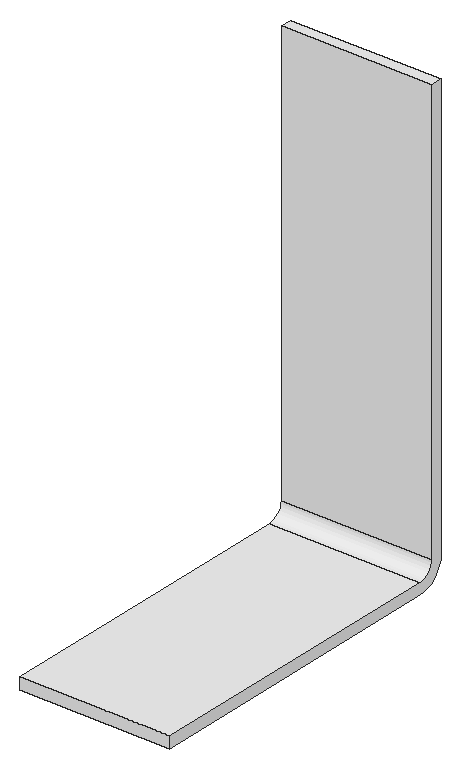
Revit family "JOMA_407, 408 & 409", category Structural Connections, host Face, Revit 2012
Parameters (values of type "4070000")
  t = 3.000 mm
  l = 90.000 mm
  h = 120.000 mm
  b = 40.000 mm
  Vinkelbeslag 409 = no
  Vinkelbeslag 408 = no
  Vinkelbeslag 407 = yes
  Vikt = "0,186"
  Typ = "VINKEL 407"
  Spikmönster Bult 45°≤α≤90° [instance] = no
  Spikmönster Bult 0°≤α≤45° [instance] = no
  Spikmönster 45°≤α≤90° [instance] = no
  Spikmönster 0°≤α≤45° [instance] = no
  Spik/skruv [instance] = "ANKARSPIK 4,0x40"
  Material = Varmförzinkad stålplåt
  Länk Joma Dimensioneringsverktyg = "http://www.joma.se/dimensioneringsverktyg"
  Default Elevation = 0.000 mm
  Bult (betong) [instance] = ""
  Antal spik/skruv i virkesdel B [instance] = if(and(Spikmönster 0°≤α≤45°, Vinkelbeslag 407), 4, if(and(Spikmönster 45°≤α≤90°, Vinkelbeslag 407), 4, if(and(Spikmönster 0°≤α≤45°, Vinkelbeslag 408), 2, if(and(Spikmönster 45°≤α≤90°, Vinkelbeslag 408), 2, if(and(Spikmönster Bult 0°≤α≤45°, Vinkelbeslag 408), 1, if(and(Spikmönster Bult 45°≤α≤90°, Vinkelbeslag 408), 1, if(and(Spikmönster 0°≤α≤45°, Vinkelbeslag 409), 2, if(and(Spikmönster 45°≤α≤90°, Vinkelbeslag 409), 2, if(and(Spikmönster Bult 0°≤α≤45°, Vinkelbeslag 409), 1, if(and(Spikmönster Bult 45°≤α≤90°, Vinkelbeslag 409), 1, 0))))))))))  # 0
  Antal spik/skruv i virkesdel A [instance] = if(and(Spikmönster 0°≤α≤45°, Vinkelbeslag 407), 4, if(and(Spikmönster 45°≤α≤90°, Vinkelbeslag 407), 4, if(and(Spikmönster 0°≤α≤45°, Vinkelbeslag 408), 4, if(and(Spikmönster 45°≤α≤90°, Vinkelbeslag 408), 2, if(and(Spikmönster Bult 0°≤α≤45°, Vinkelbeslag 408), 4, if(and(Spikmönster Bult 45°≤α≤90°, Vinkelbeslag 408), 2, if(and(Spikmönster 0°≤α≤45°, Vinkelbeslag 409), 4, if(and(Spikmönster 45°≤α≤90°, Vinkelbeslag 409), 4, if(and(Spikmönster Bult 0°≤α≤45°, Vinkelbeslag 409), 4, if(and(Spikmönster Bult 45°≤α≤90°, Vinkelbeslag 409), 4, 0))))))))))  # 0
  409 Spikmönster Bult 45°≤α≤90° [instance] = and(Vinkelbeslag 409, Spikmönster Bult 45°≤α≤90°, not(or(Spikmönster 45°≤α≤90°, Spikmönster 0°≤α≤45°, Spikmönster Bult 0°≤α≤45°)))  # no
  409 Spikmönster Bult 0°≤α≤45° [instance] = and(Vinkelbeslag 409, Spikmönster Bult 0°≤α≤45°, not(or(Spikmönster 45°≤α≤90°, Spikmönster 0°≤α≤45°, Spikmönster Bult 45°≤α≤90°)))  # no
  409 Spikmönster 45°≤α≤90° [instance] = and(Vinkelbeslag 409, Spikmönster 45°≤α≤90°, not(or(Spikmönster 0°≤α≤45°, Spikmönster Bult 0°≤α≤45°, Spikmönster Bult 45°≤α≤90°)))  # no
  409 Spikmönster 0°≤α≤45° [instance] = and(Vinkelbeslag 409, Spikmönster 0°≤α≤45°, not(or(Spikmönster 45°≤α≤90°, Spikmönster Bult 0°≤α≤45°, Spikmönster Bult 45°≤α≤90°)))  # no
  408 Spikmönster Bult 45°≤α≤90° [instance] = and(Vinkelbeslag 408, Spikmönster Bult 45°≤α≤90°, not(or(Spikmönster 45°≤α≤90°, Spikmönster 0°≤α≤45°, Spikmönster Bult 0°≤α≤45°)))  # no
  408 Spikmönster Bult 0°≤α≤45° [instance] = and(Vinkelbeslag 408, Spikmönster Bult 0°≤α≤45°, not(or(Spikmönster 45°≤α≤90°, Spikmönster 0°≤α≤45°, Spikmönster Bult 45°≤α≤90°)))  # no
  408 Spikmönster 45°≤α≤90° [instance] = and(Vinkelbeslag 408, Spikmönster 45°≤α≤90°, not(or(Spikmönster 0°≤α≤45°, Spikmönster Bult 0°≤α≤45°, Spikmönster Bult 45°≤α≤90°)))  # no
  408 Spikmönster 0°≤α≤45° [instance] = and(Vinkelbeslag 408, Spikmönster 0°≤α≤45°, not(or(Spikmönster 45°≤α≤90°, Spikmönster Bult 0°≤α≤45°, Spikmönster Bult 45°≤α≤90°)))  # no
  407 Spikmönster 45°≤α≤90° [instance] = and(Vinkelbeslag 407, Spikmönster 45°≤α≤90°, not(or(Spikmönster 0°≤α≤45°, Spikmönster Bult 0°≤α≤45°, Spikmönster Bult 45°≤α≤90°)))  # no
  407 Spikmönster 0°≤α≤45° [instance] = and(Vinkelbeslag 407, Spikmönster 0°≤α≤45°, not(or(Spikmönster 45°≤α≤90°, Spikmönster Bult 0°≤α≤45°, Spikmönster Bult 45°≤α≤90°)))  # no
Types (4, lengths in mm): name | l | h | Vinkelbeslag 409 | Vinkelbeslag 408 | Vinkelbeslag 407 | Vikt | Typ | Bult (betong)
  (no name) | 90.000 | 120.000 | no | no | yes | "0,186" | "VINKEL 407" | ""
  4080000 | 35.000 | 90.000 | no | yes | no | "0,106" | "VINKEL 408" | "BULT M10"
  4070000 | 90.000 | 120.000 | no | no | yes | "0,186" | "VINKEL 407" | ""
  4090000 | 50.000 | 160.000 | yes | no | no | "0,176" | "VINKEL 409" | "BULT M10"
Reference planes
  plane 1 "Center (Front/Back)": y = 0
  plane 2: z = 0
  plane 3 "Center (Left/Right)": x = 0
  plane 4: x = -20
  plane 5: x = 20
  plane 6: y = -90
  plane 7: z = 120
Forms (mm)
  Extrusion 1, solid, material "Varmförzinkad stålplåt" <- "Material"
    sketch origin (0, 0, 0) x (0, 1, 0) y (0, 0, 1)
      loop
        line (0, 120) -> (-3, 120) -> (-3, 6.843)
        arc (-3, 6.843) -> (-4.126, 4.126) -> (-6.843, 3) r 3.843
        line (-6.843, 3) -> (-90, 3) -> (-90, 0) -> (-6.843, 0)
        arc (-6.843, 0) -> (-2.004, 2.004) -> (0, 6.843) r 6.843
        line (0, 6.843) -> (0, 120)
    from -20 to 20
Lines and regions (mm)
  symbolic lines, visible <- "Vinkelbeslag 407"
    curve 1: circle (-10, 0, 110) r 2.5 normal (0, -1, 0)
    curve 2: circle (-10, 0, 88) r 2.5 normal (0, -1, 0)
    curve 3: circle (-10, 0, 66) r 2.5 normal (0, -1, 0)
    curve 4: circle (-10, 0, 44) r 2.5 normal (0, -1, 0)
    curve 5: circle (-10, 0, 22) r 2.5 normal (0, -1, 0)
    curve 6: circle (10, 0, 110) r 2.5 normal (0, 1, 0)
    curve 7: circle (10, 0, 88) r 2.5 normal (0, 1, 0)
    curve 8: circle (10, 0, 66) r 2.5 normal (0, 1, 0)
    curve 9: circle (10, 0, 44) r 2.5 normal (0, 1, 0)
    curve 10: circle (10, 0, 22) r 2.5 normal (0, 1, 0)
    curve 21: circle (-10, -80, 0) r 2.5 normal (0, 0, 1)
    curve 22: circle (-10, -50, 0) r 2.5 normal (0, 0, 1)
    curve 23: circle (-10, -20, 0) r 2.5 normal (0, 0, 1)
    curve 24: circle (10, -80, 0) r 2.5 normal (0, 0, -1)
    curve 25: circle (10, -50, 0) r 2.5 normal (0, 0, -1)
    curve 26: circle (10, -20, 0) r 2.5 normal (0, 0, -1)
  symbolic lines, visible <- "Vinkelbeslag 407", not visible
    curve 11: circle (-10, 0, 110) r 2.5 normal (0, -1, 0)
    curve 12: circle (-10, 0, 88) r 2.5 normal (0, -1, 0)
    curve 13: circle (-10, 0, 66) r 2.5 normal (0, -1, 0)
    curve 14: circle (-10, 0, 44) r 2.5 normal (0, -1, 0)
    curve 15: circle (-10, 0, 22) r 2.5 normal (0, -1, 0)
    curve 16: circle (10, 0, 110) r 2.5 normal (0, 1, 0)
    curve 17: circle (10, 0, 88) r 2.5 normal (0, 1, 0)
    curve 18: circle (10, 0, 66) r 2.5 normal (0, 1, 0)
    curve 19: circle (10, 0, 44) r 2.5 normal (0, 1, 0)
    curve 20: circle (10, 0, 22) r 2.5 normal (0, 1, 0)
    curve 27: circle (-10, -80, 0) r 2.5 normal (0, 0, 1)
    curve 28: circle (-10, -50, 0) r 2.5 normal (0, 0, 1)
    curve 29: circle (-10, -20, 0) r 2.5 normal (0, 0, 1)
    curve 30: circle (10, -80, 0) r 2.5 normal (0, 0, -1)
    curve 31: circle (10, -50, 0) r 2.5 normal (0, 0, -1)
    curve 32: circle (10, -20, 0) r 2.5 normal (0, 0, -1)
  symbolic lines, visible <- "Vinkelbeslag 408"
    curve 33: circle (-12.5, -27.5, 0) r 2.5 normal (0, 0, 1)
    curve 34: circle (-12.5, -10, 0) r 2.5 normal (0, 0, 1)
    curve 35: circle (12.5, -27.5, 0) r 2.5 normal (0, 0, -1)
    curve 36: circle (12.5, -10, 0) r 2.5 normal (0, 0, -1)
    curve 37: circle (0, -15, 0) r 5.1 normal (0, 0, 1)
    curve 43: circle (12.5, 0, 80) r 2.5 normal (0, -1, 0)
    curve 44: circle (12.5, 0, 60) r 2.5 normal (0, -1, 0)
    curve 45: circle (-12.5, 0, 70) r 2.5 normal (0, -1, 0)
    curve 46: circle (-12.5, 0, 38) r 2.5 normal (0, -1, 0)
    curve 47: circle (-12.5, 0, 20.5) r 2.5 normal (0, -1, 0)
    curve 48: circle (12.5, 0, 30.5) r 2.5 normal (0, -1, 0)
    curve 49: circle (0, 0, 35) r 5.1 normal (0, -1, 0)
  symbolic lines, visible <- "Vinkelbeslag 408", not visible
    curve 38: circle (-12.5, -27.5, 0) r 2.5 normal (0, 0, 1)
    curve 39: circle (-12.5, -10, 0) r 2.5 normal (0, 0, 1)
    curve 40: circle (12.5, -27.5, 0) r 2.5 normal (0, 0, -1)
    curve 41: circle (12.5, -10, 0) r 2.5 normal (0, 0, -1)
    curve 42: circle (0, -15, 0) r 5.1 normal (0, 0, 1)
    curve 50: circle (12.5, 0, 80) r 2.5 normal (0, -1, 0)
    curve 51: circle (12.5, 0, 60) r 2.5 normal (0, -1, 0)
    curve 52: circle (-12.5, 0, 70) r 2.5 normal (0, -1, 0)
    curve 53: circle (-12.5, 0, 38) r 2.5 normal (0, -1, 0)
    curve 54: circle (-12.5, 0, 20.5) r 2.5 normal (0, -1, 0)
    curve 55: circle (12.5, 0, 30.5) r 2.5 normal (0, -1, 0)
    curve 56: circle (0, 0, 35) r 5.1 normal (0, -1, 0)
  symbolic lines, visible <- "Vinkelbeslag 409"
    curve 57: circle (0, -25, 0) r 5.1 normal (0, 0, 1)
    curve 58: circle (-12.5, -40, 0) r 2.5 normal (0, 0, 1)
    curve 59: circle (-12.5, -18, 0) r 2.5 normal (0, 0, 1)
    curve 60: circle (12.5, -40, 0) r 2.5 normal (0, 0, -1)
    curve 61: circle (12.5, -18, 0) r 2.5 normal (0, 0, -1)
    curve 67: circle (-12.5, 0, 150) r 2.5 normal (0, -1, 0)
    curve 68: circle (-12.5, 0, 120) r 2.5 normal (0, -1, 0)
    curve 69: circle (-12.5, 0, 90) r 2.5 normal (0, -1, 0)
    curve 70: circle (-12.5, 0, 54) r 2.5 normal (0, -1, 0)
    curve 71: circle (-12.5, 0, 32) r 2.5 normal (0, -1, 0)
    curve 72: circle (12.5, 0, 150) r 2.5 normal (0, 1, 0)
    curve 73: circle (12.5, 0, 120) r 2.5 normal (0, 1, 0)
    curve 74: circle (12.5, 0, 90) r 2.5 normal (0, 1, 0)
    curve 75: circle (12.5, 0, 54) r 2.5 normal (0, 1, 0)
    curve 76: circle (12.5, 0, 32) r 2.5 normal (0, 1, 0)
    curve 77: circle (0, 0, 106) r 5.1 normal (0, 1, 0)
    curve 78: circle (0, 0, 43) r 5.1 normal (0, 1, 0)
  symbolic lines, visible <- "Vinkelbeslag 409", not visible
    curve 62: circle (0, -25, 0) r 5.1 normal (0, 0, 1)
    curve 63: circle (-12.5, -40, 0) r 2.5 normal (0, 0, 1)
    curve 64: circle (-12.5, -18, 0) r 2.5 normal (0, 0, 1)
    curve 65: circle (12.5, -40, 0) r 2.5 normal (0, 0, -1)
    curve 66: circle (12.5, -18, 0) r 2.5 normal (0, 0, -1)
    curve 79: circle (-12.5, 0, 150) r 2.5 normal (0, -1, 0)
    curve 80: circle (-12.5, 0, 120) r 2.5 normal (0, -1, 0)
    curve 81: circle (-12.5, 0, 90) r 2.5 normal (0, -1, 0)
    curve 82: circle (-12.5, 0, 54) r 2.5 normal (0, -1, 0)
    curve 83: circle (-12.5, 0, 32) r 2.5 normal (0, -1, 0)
    curve 84: circle (12.5, 0, 150) r 2.5 normal (0, 1, 0)
    curve 85: circle (12.5, 0, 120) r 2.5 normal (0, 1, 0)
    curve 86: circle (12.5, 0, 90) r 2.5 normal (0, 1, 0)
    curve 87: circle (12.5, 0, 54) r 2.5 normal (0, 1, 0)
    curve 88: circle (12.5, 0, 32) r 2.5 normal (0, 1, 0)
    curve 89: circle (0, 0, 106) r 5.1 normal (0, 1, 0)
    curve 90: circle (0, 0, 43) r 5.1 normal (0, 1, 0)
Text (mm)
  text "Virkesdel A" at (227.375, 0, 114.105), in view "Front"
  text "Virkesdel B/Betong" at (196.849, 0.273, 0), in view "Ref. Level"
Dimensions and locks
  "b": plane 5 to plane 4
  "l": plane 1 "Center (Front/Back)" to plane 6
  "h": plane 7 to host face
  equal spacing: plane 5, plane 3 "Center (Left/Right)", plane 4
  "t": plane 1 "Center (Front/Back)" to Extrusion 1
  "t": Extrusion 1 to host face
  aligned and locked: plane 2 to host face
  aligned and locked: level to host face
  aligned and locked: plane 5 to Extrusion 1
  aligned and locked: Extrusion 1 to plane 4
  aligned and locked: Extrusion 1 to plane 6
  aligned and locked: plane 7 to Extrusion 1
Automatic sketch dimensions
  host sketch curve to host sketch curve = 2438.400 mm  (x2)
  Extrusion 1 sketch curve to Extrusion 1 sketch curve = 0.000 mm  (x3)
  Extrusion 1 sketch curve to plane 6 = 0.000 mm
  Extrusion 1 sketch curve to plane 7 = 0.000 mm
  Extrusion 1 sketch curve to plane 1 "Center (Front/Back)" = 0.000 mm
  Extrusion 1 sketch curve to level = 0.000 mm
  plane 1 "Center (Front/Back)" to Extrusion 1 sketch curve = 6.843 mm
  plane 1 "Center (Front/Back)" to Extrusion 1 sketch curve = 3.000 mm
  level to Extrusion 1 sketch curve = 6.843 mm
Nested families
  nested 1: "Spikmönster" at (-10, -20, 0), visible <- "407 Spikmönster 0°≤α≤45°", type "Ø5"
  nested 2: "Spikmönster" at (10, -20, 0), visible <- "407 Spikmönster 0°≤α≤45°", type "Ø5"
  nested 3: "Spikmönster" at (10, -80, 0), visible <- "407 Spikmönster 0°≤α≤45°", type "Ø5"
  nested 4: "Spikmönster" at (-10, -80, 0), visible <- "407 Spikmönster 0°≤α≤45°", type "Ø5"
  nested 5: "Spikmönster" at (-10, -20, 0), visible <- "407 Spikmönster 45°≤α≤90°", type "Ø5"
  nested 6: "Spikmönster" at (10, -20, 0), visible <- "407 Spikmönster 45°≤α≤90°", type "Ø5"
  nested 7: "Spikmönster" at (10, -80, 0), visible <- "407 Spikmönster 45°≤α≤90°", type "Ø5"
  nested 8: "Spikmönster" at (-10, -80, 0), visible <- "407 Spikmönster 45°≤α≤90°", type "Ø5"
  nested 9: "Spikmönster" at (-10, -20, 0), visible <- "407 Spikmönster 0°≤α≤45°", type "Ø5", not visible
  nested 10: "Spikmönster" at (10, -20, 0), visible <- "407 Spikmönster 0°≤α≤45°", type "Ø5", not visible
  nested 11: "Spikmönster" at (10, -80, 0), visible <- "407 Spikmönster 0°≤α≤45°", type "Ø5", not visible
  nested 12: "Spikmönster" at (-10, -80, 0), visible <- "407 Spikmönster 0°≤α≤45°", type "Ø5", not visible
  nested 13: "Spikmönster" at (-10, -20, 0), visible <- "407 Spikmönster 45°≤α≤90°", type "Ø5", not visible
  nested 14: "Spikmönster" at (10, -20, 0), visible <- "407 Spikmönster 45°≤α≤90°", type "Ø5", not visible
  nested 15: "Spikmönster" at (10, -80, 0), visible <- "407 Spikmönster 45°≤α≤90°", type "Ø5", not visible
  nested 16: "Spikmönster" at (-10, -80, 0), visible <- "407 Spikmönster 45°≤α≤90°", type "Ø5", not visible
  nested 17: "Spikmönster" at (-10, 0, 110) x (1, 0, 0) z (0, -1, 0), visible <- "407 Spikmönster 0°≤α≤45°", type "Ø5"
  nested 18: "Spikmönster" at (10, 0, 88) x (1, 0, 0) z (0, -1, 0), visible <- "407 Spikmönster 0°≤α≤45°", type "Ø5"
  nested 19: "Spikmönster" at (-10, 0, 66) x (1, 0, 0) z (0, -1, 0), visible <- "407 Spikmönster 0°≤α≤45°", type "Ø5"
  nested 20: "Spikmönster" at (10, 0, 44) x (1, 0, 0) z (0, -1, 0), visible <- "407 Spikmönster 0°≤α≤45°", type "Ø5"
  nested 21: "Spikmönster" at (-10, 0, 110) x (1, 0, 0) z (0, -1, 0), visible <- "407 Spikmönster 45°≤α≤90°", type "Ø5"
  nested 22: "Spikmönster" at (10, 0, 110) x (1, 0, 0) z (0, -1, 0), visible <- "407 Spikmönster 45°≤α≤90°", type "Ø5"
  nested 23: "Spikmönster" at (-10, 0, 66) x (1, 0, 0) z (0, -1, 0), visible <- "407 Spikmönster 45°≤α≤90°", type "Ø5"
  nested 24: "Spikmönster" at (10, 0, 66) x (1, 0, 0) z (0, -1, 0), visible <- "407 Spikmönster 45°≤α≤90°", type "Ø5"
  nested 25: "Spikmönster" at (-10, 0, 110) x (1, 0, 0) z (0, -1, 0), visible <- "407 Spikmönster 0°≤α≤45°", type "Ø5", not visible
  nested 26: "Spikmönster" at (10, 0, 88) x (1, 0, 0) z (0, -1, 0), visible <- "407 Spikmönster 0°≤α≤45°", type "Ø5", not visible
  nested 27: "Spikmönster" at (-10, 0, 66) x (1, 0, 0) z (0, -1, 0), visible <- "407 Spikmönster 0°≤α≤45°", type "Ø5", not visible
  nested 28: "Spikmönster" at (10, 0, 44) x (1, 0, 0) z (0, -1, 0), visible <- "407 Spikmönster 0°≤α≤45°", type "Ø5", not visible
  nested 29: "Spikmönster" at (-10, 0, 110) x (1, 0, 0) z (0, -1, 0), visible <- "407 Spikmönster 45°≤α≤90°", type "Ø5", not visible
  nested 30: "Spikmönster" at (10, 0, 110) x (1, 0, 0) z (0, -1, 0), visible <- "407 Spikmönster 45°≤α≤90°", type "Ø5", not visible
  nested 31: "Spikmönster" at (-10, 0, 66) x (1, 0, 0) z (0, -1, 0), visible <- "407 Spikmönster 45°≤α≤90°", type "Ø5", not visible
  nested 32: "Spikmönster" at (10, 0, 66) x (1, 0, 0) z (0, -1, 0), visible <- "407 Spikmönster 45°≤α≤90°", type "Ø5", not visible
  nested 33: "Spikmönster" at (-12.5, 0, 70) x (1, 0, 0) z (0, -1, 0), visible <- "408 Spikmönster 0°≤α≤45°", type "Ø5"
  nested 34: "Spikmönster" at (12.5, 0, 60) x (1, 0, 0) z (0, -1, 0), visible <- "408 Spikmönster 0°≤α≤45°", type "Ø5"
  nested 35: "Spikmönster" at (-12.5, 0, 38) x (1, 0, 0) z (0, -1, 0), visible <- "408 Spikmönster 0°≤α≤45°", type "Ø5"
  nested 36: "Spikmönster" at (12.5, 0, 30.5) x (1, 0, 0) z (0, -1, 0), visible <- "408 Spikmönster 0°≤α≤45°", type "Ø5"
  nested 37: "Spikmönster" at (-12.5, 0, 70) x (1, 0, 0) z (0, -1, 0), visible <- "408 Spikmönster 45°≤α≤90°", type "Ø5"
  nested 38: "Spikmönster" at (12.5, 0, 60) x (1, 0, 0) z (0, -1, 0), visible <- "408 Spikmönster 45°≤α≤90°", type "Ø5"
  nested 39: "Spikmönster" at (-12.5, 0, 70) x (1, 0, 0) z (0, -1, 0), visible <- "408 Spikmönster 0°≤α≤45°", type "Ø5", not visible
  nested 40: "Spikmönster" at (12.5, 0, 60) x (1, 0, 0) z (0, -1, 0), visible <- "408 Spikmönster 0°≤α≤45°", type "Ø5", not visible
  nested 41: "Spikmönster" at (-12.5, 0, 38) x (1, 0, 0) z (0, -1, 0), visible <- "408 Spikmönster 0°≤α≤45°", type "Ø5", not visible
  nested 42: "Spikmönster" at (12.5, 0, 30.5) x (1, 0, 0) z (0, -1, 0), visible <- "408 Spikmönster 0°≤α≤45°", type "Ø5", not visible
  nested 43: "Spikmönster" at (-12.5, 0, 70) x (1, 0, 0) z (0, -1, 0), visible <- "408 Spikmönster 45°≤α≤90°", type "Ø5", not visible
  nested 44: "Spikmönster" at (12.5, 0, 60) x (1, 0, 0) z (0, -1, 0), visible <- "408 Spikmönster 45°≤α≤90°", type "Ø5", not visible
  nested 45: "Spikmönster" at (-12.5, -10, 0), visible <- "408 Spikmönster 0°≤α≤45°", type "Ø5"
  nested 46: "Spikmönster" at (12.5, -10, 0), visible <- "408 Spikmönster 0°≤α≤45°", type "Ø5"
  nested 47: "Spikmönster" at (-12.5, -10, 0), visible <- "408 Spikmönster 45°≤α≤90°", type "Ø5"
  nested 48: "Spikmönster" at (12.5, -10, 0), visible <- "408 Spikmönster 45°≤α≤90°", type "Ø5"
  nested 49: "Spikmönster" at (-12.5, -10, 0), visible <- "408 Spikmönster 0°≤α≤45°", type "Ø5", not visible
  nested 50: "Spikmönster" at (12.5, -10, 0), visible <- "408 Spikmönster 0°≤α≤45°", type "Ø5", not visible
  nested 51: "Spikmönster" at (-12.5, -10, 0), visible <- "408 Spikmönster 45°≤α≤90°", type "Ø5", not visible
  nested 52: "Spikmönster" at (12.5, -10, 0), visible <- "408 Spikmönster 45°≤α≤90°", type "Ø5", not visible
  nested 53: "Spikmönster" at (0, -15, 0), visible <- "408 Spikmönster Bult 45°≤α≤90°", type "Ø10,2"
  nested 54: "Spikmönster" at (0, -15, 0), visible <- "408 Spikmönster Bult 0°≤α≤45°", type "Ø10,2"
  nested 55: "Spikmönster" at (0, -15, 0), visible <- "408 Spikmönster Bult 45°≤α≤90°", type "Ø10,2", not visible
  nested 56: "Spikmönster" at (0, -15, 0), visible <- "408 Spikmönster Bult 0°≤α≤45°", type "Ø10,2", not visible
  nested 57: "Spikmönster" at (-12.5, 0, 70) x (1, 0, 0) z (0, -1, 0), visible <- "408 Spikmönster Bult 0°≤α≤45°", type "Ø5"
  nested 58: "Spikmönster" at (12.5, 0, 60) x (1, 0, 0) z (0, -1, 0), visible <- "408 Spikmönster Bult 0°≤α≤45°", type "Ø5"
  nested 59: "Spikmönster" at (-12.5, 0, 38) x (1, 0, 0) z (0, -1, 0), visible <- "408 Spikmönster Bult 0°≤α≤45°", type "Ø5"
  nested 60: "Spikmönster" at (12.5, 0, 30.5) x (1, 0, 0) z (0, -1, 0), visible <- "408 Spikmönster Bult 0°≤α≤45°", type "Ø5"
  nested 61: "Spikmönster" at (-12.5, 0, 70) x (1, 0, 0) z (0, -1, 0), visible <- "408 Spikmönster Bult 45°≤α≤90°", type "Ø5"
  nested 62: "Spikmönster" at (12.5, 0, 60) x (1, 0, 0) z (0, -1, 0), visible <- "408 Spikmönster Bult 45°≤α≤90°", type "Ø5"
  nested 63: "Spikmönster" at (-12.5, 0, 70) x (1, 0, 0) z (0, -1, 0), visible <- "408 Spikmönster Bult 0°≤α≤45°", type "Ø5", not visible
  nested 64: "Spikmönster" at (12.5, 0, 60) x (1, 0, 0) z (0, -1, 0), visible <- "408 Spikmönster Bult 0°≤α≤45°", type "Ø5", not visible
  nested 65: "Spikmönster" at (-12.5, 0, 38) x (1, 0, 0) z (0, -1, 0), visible <- "408 Spikmönster Bult 0°≤α≤45°", type "Ø5", not visible
  nested 66: "Spikmönster" at (12.5, 0, 30.5) x (1, 0, 0) z (0, -1, 0), visible <- "408 Spikmönster Bult 0°≤α≤45°", type "Ø5", not visible
  nested 67: "Spikmönster" at (-12.5, 0, 70) x (1, 0, 0) z (0, -1, 0), visible <- "408 Spikmönster Bult 45°≤α≤90°", type "Ø5", not visible
  nested 68: "Spikmönster" at (12.5, 0, 60) x (1, 0, 0) z (0, -1, 0), visible <- "408 Spikmönster Bult 45°≤α≤90°", type "Ø5", not visible
  nested 69: "Spikmönster" at (12.5, 0, 120) x (1, 0, 0) z (0, -1, 0), visible <- "409 Spikmönster 0°≤α≤45°", type "Ø5"
  nested 70: "Spikmönster" at (-12.5, 0, 90) x (1, 0, 0) z (0, -1, 0), visible <- "409 Spikmönster 0°≤α≤45°", type "Ø5"
  nested 71: "Spikmönster" at (12.5, 0, 54) x (1, 0, 0) z (0, -1, 0), visible <- "409 Spikmönster 0°≤α≤45°", type "Ø5"
  nested 72: "Spikmönster" at (-12.5, 0, 32) x (1, 0, 0) z (0, -1, 0), visible <- "409 Spikmönster 0°≤α≤45°", type "Ø5"
  nested 73: "Spikmönster" at (-12.5, 0, 150) x (1, 0, 0) z (0, -1, 0), visible <- "409 Spikmönster 45°≤α≤90°", type "Ø5"
  nested 74: "Spikmönster" at (12.5, 0, 150) x (1, 0, 0) z (0, -1, 0), visible <- "409 Spikmönster 45°≤α≤90°", type "Ø5"
  nested 75: "Spikmönster" at (-12.5, 0, 90) x (1, 0, 0) z (0, -1, 0), visible <- "409 Spikmönster 45°≤α≤90°", type "Ø5"
  nested 76: "Spikmönster" at (12.5, 0, 90) x (1, 0, 0) z (0, -1, 0), visible <- "409 Spikmönster 45°≤α≤90°", type "Ø5"
  nested 77: "Spikmönster" at (12.5, 0, 120) x (1, 0, 0) z (0, -1, 0), visible <- "409 Spikmönster 0°≤α≤45°", type "Ø5", not visible
  nested 78: "Spikmönster" at (-12.5, 0, 90) x (1, 0, 0) z (0, -1, 0), visible <- "409 Spikmönster 0°≤α≤45°", type "Ø5", not visible
  nested 79: "Spikmönster" at (12.5, 0, 54) x (1, 0, 0) z (0, -1, 0), visible <- "409 Spikmönster 0°≤α≤45°", type "Ø5", not visible
  nested 80: "Spikmönster" at (-12.5, 0, 32) x (1, 0, 0) z (0, -1, 0), visible <- "409 Spikmönster 0°≤α≤45°", type "Ø5", not visible
  nested 81: "Spikmönster" at (-12.5, 0, 150) x (1, 0, 0) z (0, -1, 0), visible <- "409 Spikmönster 45°≤α≤90°", type "Ø5", not visible
  nested 82: "Spikmönster" at (12.5, 0, 150) x (1, 0, 0) z (0, -1, 0), visible <- "409 Spikmönster 45°≤α≤90°", type "Ø5", not visible
  nested 83: "Spikmönster" at (-12.5, 0, 90) x (1, 0, 0) z (0, -1, 0), visible <- "409 Spikmönster 45°≤α≤90°", type "Ø5", not visible
  nested 84: "Spikmönster" at (12.5, 0, 90) x (1, 0, 0) z (0, -1, 0), visible <- "409 Spikmönster 45°≤α≤90°", type "Ø5", not visible
  nested 85: "Spikmönster" at (12.5, -18, 0), visible <- "409 Spikmönster 0°≤α≤45°", type "Ø5"
  nested 86: "Spikmönster" at (-12.5, -18, 0), visible <- "409 Spikmönster 0°≤α≤45°", type "Ø5"
  nested 87: "Spikmönster" at (12.5, -18, 0), visible <- "409 Spikmönster 45°≤α≤90°", type "Ø5"
  nested 88: "Spikmönster" at (-12.5, -18, 0), visible <- "409 Spikmönster 45°≤α≤90°", type "Ø5"
  nested 89: "Spikmönster" at (12.5, -18, 0), visible <- "409 Spikmönster 0°≤α≤45°", type "Ø5", not visible
  nested 90: "Spikmönster" at (-12.5, -18, 0), visible <- "409 Spikmönster 0°≤α≤45°", type "Ø5", not visible
  nested 91: "Spikmönster" at (12.5, -18, 0), visible <- "409 Spikmönster 45°≤α≤90°", type "Ø5", not visible
  nested 92: "Spikmönster" at (-12.5, -18, 0), visible <- "409 Spikmönster 45°≤α≤90°", type "Ø5", not visible
  nested 93: "Spikmönster" at (0, -25, 0), visible <- "409 Spikmönster Bult 0°≤α≤45°", type "Ø10,2"
  nested 94: "Spikmönster" at (0, -25, 0), visible <- "409 Spikmönster Bult 45°≤α≤90°", type "Ø10,2"
  nested 95: "Spikmönster" at (0, -25, 0), visible <- "409 Spikmönster Bult 0°≤α≤45°", type "Ø10,2", not visible
  nested 96: "Spikmönster" at (0, -25, 0), visible <- "409 Spikmönster Bult 45°≤α≤90°", type "Ø10,2", not visible
  nested 97: "Spikmönster" at (12.5, 0, 120) x (1, 0, 0) z (0, -1, 0), visible <- "409 Spikmönster Bult 0°≤α≤45°", type "Ø5"
  nested 98: "Spikmönster" at (-12.5, 0, 90) x (1, 0, 0) z (0, -1, 0), visible <- "409 Spikmönster Bult 0°≤α≤45°", type "Ø5"
  nested 99: "Spikmönster" at (12.5, 0, 54) x (1, 0, 0) z (0, -1, 0), visible <- "409 Spikmönster Bult 0°≤α≤45°", type "Ø5"
  nested 100: "Spikmönster" at (-12.5, 0, 32) x (1, 0, 0) z (0, -1, 0), visible <- "409 Spikmönster Bult 0°≤α≤45°", type "Ø5"
  nested 101: "Spikmönster" at (-12.5, 0, 150) x (1, 0, 0) z (0, -1, 0), visible <- "409 Spikmönster Bult 45°≤α≤90°", type "Ø5"
  nested 102: "Spikmönster" at (12.5, 0, 150) x (1, 0, 0) z (0, -1, 0), visible <- "409 Spikmönster Bult 45°≤α≤90°", type "Ø5"
  nested 103: "Spikmönster" at (12.5, 0, 90) x (1, 0, 0) z (0, -1, 0), visible <- "409 Spikmönster Bult 45°≤α≤90°", type "Ø5"
  nested 104: "Spikmönster" at (-12.5, 0, 90) x (1, 0, 0) z (0, -1, 0), visible <- "409 Spikmönster Bult 45°≤α≤90°", type "Ø5"
  nested 105: "Spikmönster" at (12.5, 0, 120) x (1, 0, 0) z (0, -1, 0), visible <- "409 Spikmönster Bult 0°≤α≤45°", type "Ø5", not visible
  nested 106: "Spikmönster" at (-12.5, 0, 90) x (1, 0, 0) z (0, -1, 0), visible <- "409 Spikmönster Bult 0°≤α≤45°", type "Ø5", not visible
  nested 107: "Spikmönster" at (12.5, 0, 54) x (1, 0, 0) z (0, -1, 0), visible <- "409 Spikmönster Bult 0°≤α≤45°", type "Ø5", not visible
  nested 108: "Spikmönster" at (-12.5, 0, 32) x (1, 0, 0) z (0, -1, 0), visible <- "409 Spikmönster Bult 0°≤α≤45°", type "Ø5", not visible
  nested 109: "Spikmönster" at (-12.5, 0, 150) x (1, 0, 0) z (0, -1, 0), visible <- "409 Spikmönster Bult 45°≤α≤90°", type "Ø5", not visible
  nested 110: "Spikmönster" at (12.5, 0, 150) x (1, 0, 0) z (0, -1, 0), visible <- "409 Spikmönster Bult 45°≤α≤90°", type "Ø5", not visible
  nested 111: "Spikmönster" at (12.5, 0, 90) x (1, 0, 0) z (0, -1, 0), visible <- "409 Spikmönster Bult 45°≤α≤90°", type "Ø5", not visible
  nested 112: "Spikmönster" at (-12.5, 0, 90) x (1, 0, 0) z (0, -1, 0), visible <- "409 Spikmönster Bult 45°≤α≤90°", type "Ø5", not visible
Definition of nested family "Spikmönster"
  Parameters (values of type "Ø11")
    Radie = 5.500 mm
  Types (3, lengths in mm): name | Radie
    (no name) | 5.500
    Ø5 | 2.500
    Ø11 | 5.500
  Reference planes
    plane 1 "Center (Front/Back)": y = 0
    plane 2: z = 0
    plane 3 "Center (Left/Right)": x = 0
  Lines and regions (mm)
    Filled region 1, type "Solid Fill - Black", in view "Ref. Level"
      outline origin (0, 0, 0) x (1, 0, 0) y (0, 1, 0)
        loop
          circle (0, 0) r 5.5
  Dimensions and locks
    "Radie": radius of Filled region 1 sketch curve
  Automatic sketch dimensions
    plane 1 "Center (Front/Back)" to Filled region 1 sketch curve = 0.000 mm
    Filled region 1 sketch curve to plane 3 "Center (Left/Right)" = 0.000 mm
